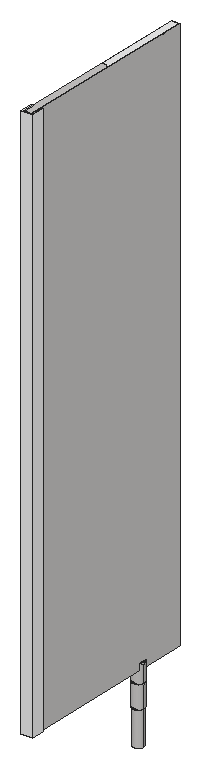
Revit family "Urinal_Screen-Privada-Floor_Anchored", category Specialty Equipment, Revit 2016
Family settings
  Part Type = Normal
  Round Connector Dimension = Use Diameter
  OmniClass Number = 23.40.20.21
  OmniClass Title = Toilet and Bath Specialties
  Work Plane-Based = Yes
  Always vertical = No
  Cut with Voids When Loaded = No
  Shared = Yes
  Room Calculation Point = No
Parameters (values of type "Privada Urinal Screen")
  Warranty Information = "10 Year Warranty"
  URL = "http://www.privadapartitions.com/"
  Phone Number = "416-250-5656"  # constant formula
  Omniclass Table 23 Title = "Toilet and Bath Specialties"  # constant formula
  Omniclass Table 23 Code = "23.40.20.21"  # constant formula
  Model = "Privada Urinal Screen"
  Material = Aluminum-Privada-Satin
  Masterformat Title = "10 22 00"  # constant formula
  Masterformat Number = "10 22 00"  # constant formula
  Manufacturer = "Privada"
  Length = 24"
  Installation Type = "Floor-Anchored"
  Height = 72"
  Hardware Material = Aluminum-Privada-Matte
  Description = "Privada Urinal Screen, lengths from 1'-6\" to  2'-0\""
  Default Elevation = 0"
  Creation Date = "01/12/2015"  # constant formula
  Created By = "Allied Technical Services"  # constant formula
  Assembly Code = "E2010"
  ATS URL = "http://www.atsspec.net"
Reference planes (in)
  plane 1 "Center (Front/Back)": y = 0
  plane 2: z = 0
  plane 3 "Center (Left/Right)": x = 0
  plane 4: z = 9
  plane 5: z = 81
  plane 6: y = -18
  plane 7: y = 6
  plane 8: z = 9
Forms (in)
  Revolve 1, solid, material "Aluminum-Privada-Matte" <- "Hardware Material"
    sketch origin (0, 0, 0) x (1, 0, 0) y (0, 0, 1)
      loop
        line (-0.625, 0) -> (-0.59375, 0) -> (-0.59375, 0.03125) -> (-0.5625, 0.03125) -> (-0.5625, 0) -> (0, 0) -> (0, 8.5) -> (-0.42484, 8.5) -> (-0.42484, 10) -> (-0.71875, 9.83031)
        arc (-0.71875, 9.83031) -> (-0.74163, 9.80744) -> (-0.75, 9.77619) r 0.0625
        line (-0.75, 9.77619) -> (-0.75, 7.53125)
        arc (-0.75, 7.53125) -> (-0.74085, 7.50915) -> (-0.71875, 7.5) r 0.03125
        arc (-0.71875, 7.5) -> (-0.74085, 7.49085) -> (-0.75, 7.46875) r 0.03125
        line (-0.75, 7.46875) -> (-0.75, 4.53125)
        arc (-0.75, 4.53125) -> (-0.74085, 4.50915) -> (-0.71875, 4.5) r 0.03125
        line (-0.71875, 4.5) -> (-0.625, 4.5) -> (-0.625, 0)
      axis (0, 0) -> (0, 10)
    angle from 0 to 360
  Extrusion 2, solid, material "Aluminum-Privada-Satin" <- "Material"
    sketch origin (0, 0, 0) x (1, 0, 0) y (0, 0, 1)
      loop
        line (0.42484, 9) -> (0.42484, 81) -> (-0.42484, 81) -> (-0.42484, 9) -> (0.42484, 9)
    from -5.93751 to 17.875
  Extrusion 3, solid, material "Aluminum-Privada-Satin"
    sketch origin (0, 0, 0) x (1, 0, 0) y (0, 1, 0)
      loop
        line (-0.75, -18) -> (0.75, -18) -> (0.75, -16.375) -> (0.5, -16.375) -> (0.5, -17.875) -> (-0.5, -17.875) -> (-0.5, -16.375) -> (-0.75, -16.375) -> (-0.75, -18)
    from 9 to 81
  Extrusion 4, solid, material "Aluminum-Privada-Matte" <- "Hardware Material"
    sketch origin (0, 0, 0) x (1, 0, 0) y (0, 1, 0)
      loop
        line (-0.5, -17.875) -> (0.5, -17.875) -> (0.5, 6) -> (-0.5, 6) -> (-0.5, -17.875)
    from 9 to 81
Cuts and joins
  joined: Revolve 1, Extrusion 4
Dimensions and locks (in)
  plane 4 to level = 9"
  "Height": plane 5 to plane 4
  "Length": plane 7 to plane 6
  locked: cut or joined group of Revolve 1, Extrusion 4 to Extrusion 2 at 0.06249
  locked: plane 7 to plane 1 "Center (Front/Back)" at 6
  locked: Extrusion 3 sketch curve to cut or joined group of Revolve 1, Extrusion 4 at 0.125
  Extrusion 3 sketch curve to cut or joined group of Revolve 1, Extrusion 4 to cut or joined group of Revolve 1, Extrusion 4 to Extrusion 3 sketch curve = 1/4" locked, 1" locked, 1/4" locked
  aligned and locked: plane 8 to Extrusion 4
  aligned and locked: Extrusion 2 to plane 4
  aligned and locked: Extrusion 4 to plane 4
  aligned and locked: Extrusion 3 to plane 4
  aligned and locked: plane 7 to cut or joined group of Revolve 1, Extrusion 4
  aligned and locked: plane 6 to Extrusion 3
  aligned and locked: cut or joined group of Revolve 1, Extrusion 4 to Extrusion 2
  aligned and locked: cut or joined group of Revolve 1, Extrusion 4 to Extrusion 3
Automatic sketch dimensions
  Revolve 1 sketch curve to level = 0"  (x2)
  Revolve 1 sketch curve to plane 3 "Center (Left/Right)" = 0"  (x2)
  Revolve 1 sketch curve to plane 3 "Center (Left/Right)" = 0.42484"
  Revolve 1 sketch curve to Revolve 1 sketch curve = 9/16"
  Revolve 1 sketch curve to Revolve 1 sketch curve = 1/32"  (x4)
  Revolve 1 sketch curve to plane 3 "Center (Left/Right)" = 5/8"
  Revolve 1 sketch curve to Revolve 1 sketch curve = 0.26266"
  Revolve 1 sketch curve to plane 3 "Center (Left/Right)" = 23/32"
  Revolve 1 sketch curve to Revolve 1 sketch curve = 3/32"
  Revolve 1 sketch curve to Revolve 1 sketch curve = 0"  (x2)
  Revolve 1 sketch curve to Revolve 1 sketch curve = 1/16"
  Revolve 1 sketch curve to Revolve 1 sketch curve = 4 15/32"
  Revolve 1 sketch curve to plane 4 = 1 17/32"
  Revolve 1 sketch curve to Revolve 1 sketch curve = 0.04076"
  Revolve 1 sketch curve to Revolve 1 sketch curve = 0.35908"
  Revolve 1 sketch curve to plane 4 = 1/2"
  plane 4 to Revolve 1 sketch curve = 0.77619"
  Revolve 1 sketch curve to Revolve 1 sketch curve = 0.16969"
  Extrusion 2 sketch curve to plane 4 = 0"
  Extrusion 2 sketch curve to plane 5 = 0"
  Extrusion 2 sketch curve to plane 3 "Center (Left/Right)" = 0.42484"
  plane 3 "Center (Left/Right)" to Extrusion 2 sketch curve = 0.42484"
  Extrusion 3 sketch curve to plane 6 = 1/8"
  Extrusion 3 sketch curve to Extrusion 3 sketch curve = 1/4"  (x2)
  Extrusion 3 sketch curve to Extrusion 3 sketch curve = 1 1/2"
  Extrusion 3 sketch curve to Extrusion 3 sketch curve = 0"
  Extrusion 4 sketch curve to plane 7 = 0"
  Extrusion 4 sketch curve to plane 3 "Center (Left/Right)" = 1/2"
  plane 3 "Center (Left/Right)" to Extrusion 4 sketch curve = 1/2"
  Extrusion 4 sketch curve to plane 6 = 1/8"
